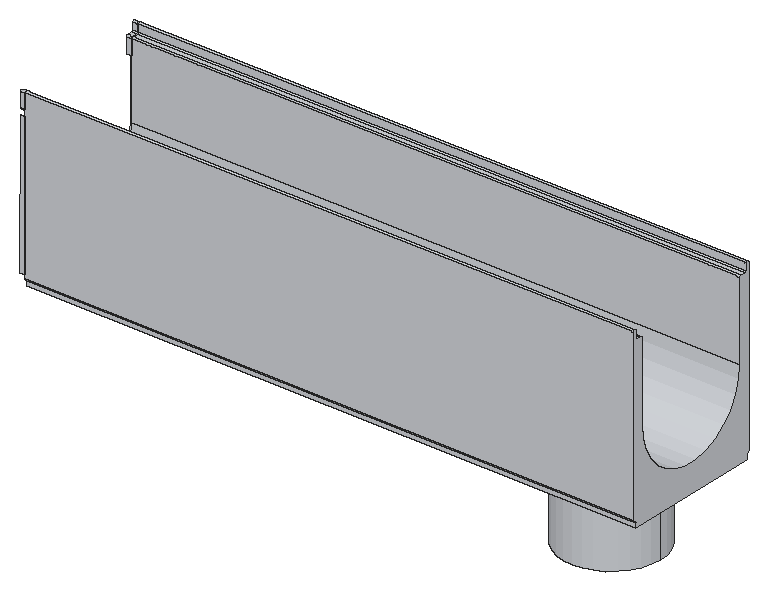
Revit family "T1712-PB-13", category Plumbing Fixtures, Revit 2026
Family settings
  Round Connector Dimension = Use Diameter
  Part Type = Normal
  Classification Number = 23.45.00.00
  Work Plane-Based = No
  Enable Cutting in Views = No
  Always vertical = Yes
  Cut with Voids When Loaded = No
  Maintain Annotation Orientation = No
  Shared = No
  Room Calculation Point = No
Parameters
  Pitch [instance] = 0.005
  Length = 39.40"
  Invert Body Depth 2 [instance] = Length * Pitch + Invert Body Depth 1  # 9.647"
  Invert Body Depth 1 [instance] = 9.45"
  Drain Wall Thickness = 0.65"
  Drain Outer Width = 9.20"
  Drain Inner Width [instance] = 7.90"
  Drain Base Thickness = 1.77"
  Default Elevation = 0.00"
Reference planes (in)
  plane 1 "Center (Front/Back)": y = 0
  plane 2: z = 0
  plane 3 "Center (Left/Right)": x = 0
  plane 4: y = 0
  plane 5: y = 9.2
  plane 6: y = 9.05
  plane 7: z = -9.06
  plane 8: y = 0.15
  plane 9: y = 0.65
  plane 10: z = -0.6
  plane 11: y = 0.15
  plane 12: y = 9.05
  plane 13: z = -0.6
  plane 14: y = 8.55
  plane 15: y = 0
  plane 16: y = 9.2
  plane 17: through (519.4, 9.05, -8.76) normal (0, -0.7071, 0.7071)
  plane 18: y = 9.05
  plane 19: z = -9.06
  plane 20: y = 0.15
  plane 21: through (519.4, 0, -8.61) normal (0, 0.7071, 0.7071)
  plane 22: y = 0.65
  plane 23: z = -0.6
  plane 24: y = 0.15
  plane 25: y = 9.05
  plane 26: z = -0.6
  plane 27: y = 8.55
  plane 28: z = 0
  plane 29: z = -15.9
  plane 30: x = 39.4
  plane 31: x = 34.3
  plane 32: x = 31.15
  plane 33: x = 37.45
  plane 34: y = 4.6
  plane 35: z = -11.227
Forms (in)
  SweptBlend 1, solid
    path origin (0, 0, 0) x (1, 0, 0) y (0, 1, 0)
      loop
        line (0.31631, 0) -> (39.4, 0)
    profile origin (0.31631, 0, 0) x (0, 1, 0) y (0, 0, 1)
      loop
        line (0.15, -11.22) -> (9.05, -11.22) -> (9.05, -10.92) -> (9.2, -10.77) -> (9.2, -0.075)
        arc (9.2, -0.075) -> (9.125, 0) -> (9.05, -0.075) r 0.075
        line (9.05, -0.075) -> (9.05, -0.52334)
        arc (9.05, -0.52334) -> (9.02755, -0.57755) -> (8.97334, -0.6) r 0.07666
        line (8.97334, -0.6) -> (8.63185, -0.6)
        arc (8.63185, -0.6) -> (8.57397, -0.62397) -> (8.55, -0.68185) r 0.08185
        line (8.55, -0.68185) -> (8.55, -5.5)
        arc (8.55, -5.5) -> (4.6, -9.45) -> (0.65, -5.5) r 3.95
        line (0.65, -5.5) -> (0.65, -0.68185)
        arc (0.65, -0.68185) -> (0.62603, -0.62397) -> (0.56815, -0.6) r 0.08185
        line (0.56815, -0.6) -> (0.22666, -0.6)
        arc (0.22666, -0.6) -> (0.17245, -0.57755) -> (0.15, -0.52334) r 0.07666
        line (0.15, -0.52334) -> (0.15, -0.075)
        arc (0.15, -0.075) -> (0.075, 0) -> (0, -0.075) r 0.075
        line (0, -0.075) -> (0, -10.77) -> (0.15, -10.92) -> (0.15, -11.22)
    end profile origin (39.4, 0, 0) x (0, 1, 0) y (0, 0, 1)
      loop
        line (0.15, -11.417) -> (9.05, -11.417) -> (9.05, -11.117) -> (9.2, -10.967) -> (9.2, -0.075)
        arc (9.2, -0.075) -> (9.125, 0) -> (9.05, -0.075) r 0.075
        line (9.05, -0.075) -> (9.05, -0.52334)
        arc (9.05, -0.52334) -> (9.02755, -0.57755) -> (8.97334, -0.6) r 0.07666
        line (8.97334, -0.6) -> (8.63185, -0.6)
        arc (8.63185, -0.6) -> (8.57397, -0.62397) -> (8.55, -0.68185) r 0.08185
        line (8.55, -0.68185) -> (8.55, -5.697)
        arc (8.55, -5.697) -> (4.6, -9.647) -> (0.65, -5.697) r 3.95
        line (0.65, -5.697) -> (0.65, -0.68185)
        arc (0.65, -0.68185) -> (0.62603, -0.62397) -> (0.56815, -0.6) r 0.08185
        line (0.56815, -0.6) -> (0.22666, -0.6)
        arc (0.22666, -0.6) -> (0.17245, -0.57755) -> (0.15, -0.52334) r 0.07666
        line (0.15, -0.52334) -> (0.15, -0.075)
        arc (0.15, -0.075) -> (0.075, 0) -> (0, -0.075) r 0.075
        line (0, -0.075) -> (0, -10.967) -> (0.15, -11.117) -> (0.15, -11.417)
  Extrusion 2, void
    sketch origin (0, 0, 0) x (0, 1, 0) y (0, 0, 1)
      loop
        line (0.65, -5.5) -> (0.65, -1.66875) -> (0, -1.01875) -> (0, -1.44301) -> (0.35, -1.79301) -> (0.35, -5.5)
        arc (0.35, -5.5) -> (4.6, -9.75) -> (8.85, -5.5) r 4.25
        line (8.85, -5.5) -> (8.85, -1.79301) -> (9.2, -1.44301) -> (9.2, -1.01875) -> (8.55, -1.66875) -> (8.55, -5.5)
        arc (8.55, -5.5) -> (4.6, -9.45) -> (0.65, -5.5) r 3.95
      loop
        line (0, -10.77) -> (0.15, -10.92) -> (0.15, -11.22) -> (0.50707, -11.22) -> (0.50707, -11.03279) -> (0.20977, -10.51786) -> (0, -10.51786) -> (0, -10.77)
      loop
        line (9.2, -10.77) -> (9.2, -10.51786) -> (8.99023, -10.51786) -> (8.69293, -11.03279) -> (8.69293, -11.22) -> (9.05, -11.22) -> (9.05, -10.92) -> (9.2, -10.77)
    from 0 to 0.31631
  Extrusion 3, solid
    sketch origin (0, 0, 0) x (0, 1, 0) y (0, 0, 1)
      loop
        line (0, -0.075) -> (0, -10.77) -> (0.15, -10.92) -> (0.15, -11.22) -> (9.05, -11.22) -> (9.05, -10.92) -> (9.2, -10.77) -> (9.2, -0.075)
        arc (9.2, -0.075) -> (9.125, 0) -> (9.05, -0.075) r 0.075
        line (9.05, -0.075) -> (9.05, -0.52334)
        arc (9.05, -0.52334) -> (9.02755, -0.57755) -> (8.97334, -0.6) r 0.07666
        line (8.97334, -0.6) -> (8.63185, -0.6)
        arc (8.63185, -0.6) -> (8.57397, -0.62397) -> (8.55, -0.68185) r 0.08185
        line (8.55, -0.68185) -> (8.55, -5.5)
        arc (8.55, -5.5) -> (4.6, -9.45) -> (0.65, -5.5) r 3.95
        line (0.65, -5.5) -> (0.65, -0.68185)
        arc (0.65, -0.68185) -> (0.62603, -0.62397) -> (0.56815, -0.6) r 0.08185
        line (0.56815, -0.6) -> (0.22666, -0.6)
        arc (0.22666, -0.6) -> (0.17245, -0.57755) -> (0.15, -0.52334) r 0.07666
        line (0.15, -0.52334) -> (0.15, -0.075)
        arc (0.15, -0.075) -> (0.075, 0) -> (0, -0.075) r 0.075
    from 0 to 0.31631
  Extrusion 4, solid
    sketch origin (0, 0, 0) x (1, 0, 0) y (0, 1, 0)
      loop
        circle (34.3, 4.6) r 3.15
      loop
        circle (34.3, 4.6) r 2.85
    from -15.9 to -10.24118
Cuts and joins
  Extrusion 2 cuts Extrusion 3
Dimensions and locks (in)
  "Invert Body Depth 1": profile plane to SweptBlend 1 sketch curve
  "Drain Base Thickness": SweptBlend 1 sketch curve to SweptBlend 1 sketch curve  (x2)
  "Drain Outer Width": SweptBlend 1 sketch curve to SweptBlend 1 sketch curve  (x2)
  "Drain Wall Thickness": SweptBlend 1 sketch curve to SweptBlend 1 sketch curve  (x4)
  "Drain Inner Width": SweptBlend 1 sketch curve to SweptBlend 1 sketch curve  (x2)
  "Invert Body Depth 2": profile plane to SweptBlend 1 sketch curve
  "Length": SweptBlend 1 to plane 3 "Center (Left/Right)"
  level to plane 29 = 15.90"
  aligned and locked: level to plane 2
  aligned and locked: plane 4 to profile plane
  aligned and locked: plane 5 to SweptBlend 1 sketch curve
  aligned and locked: plane 6 to SweptBlend 1 sketch curve
  aligned and locked: SweptBlend 1 sketch curve to plane 8
  aligned and locked: plane 10 to SweptBlend 1 sketch curve
  aligned and locked: plane 11 to SweptBlend 1 sketch curve
  aligned and locked: plane 12 to SweptBlend 1 sketch curve
  aligned and locked: plane 13 to SweptBlend 1 sketch curve
  aligned and locked: Extrusion 2 to plane 3 "Center (Left/Right)"
Automatic sketch dimensions
  plane 1 "Center (Front/Back)" to SweptBlend 1 sketch curve = 0.00"
  plane 3 "Center (Left/Right)" to SweptBlend 1 sketch curve = 0.31631"
  SweptBlend 1 sketch curve to SweptBlend 1 sketch curve = 39.08369"
  Extrusion 4 sketch curve to plane 31 = 0.00"
  plane 34 to Extrusion 4 sketch curve = 0.00"
  Extrusion 4 sketch curve to Extrusion 4 sketch curve = 0.00"  (x2)
  Extrusion 2 sketch curve to plane 1 "Center (Front/Back)" = 0.00"  (x2)
  Extrusion 2 sketch curve to plane 1 "Center (Front/Back)" = 0.15"
  Extrusion 2 sketch curve to plane 1 "Center (Front/Back)" = 0.20977"
  Extrusion 2 sketch curve to plane 1 "Center (Front/Back)" = 0.35"
  Extrusion 2 sketch curve to Extrusion 2 sketch curve = 0.35707"  (x2)
  Extrusion 2 sketch curve to Extrusion 2 sketch curve = 0.30"  (x3)
  Extrusion 2 sketch curve to plane 34 = 4.09293"
  Extrusion 2 sketch curve to Extrusion 2 sketch curve = 0.29729"
  Extrusion 2 sketch curve to Extrusion 2 sketch curve = 0.35"  (x3)
  Extrusion 2 sketch curve to Extrusion 2 sketch curve = 0.20977"
  plane 29 to Extrusion 2 sketch curve = 4.68"  (x2)
  Extrusion 2 sketch curve to Extrusion 2 sketch curve = 0.18721"  (x2)
  Extrusion 2 sketch curve to Extrusion 2 sketch curve = 0.15"  (x2)
  Extrusion 2 sketch curve to Extrusion 2 sketch curve = 0.25214"  (x2)
  Extrusion 2 sketch curve to Extrusion 2 sketch curve = 3.70699"
  Extrusion 2 sketch curve to Extrusion 2 sketch curve = 0.12426"  (x2)
  Extrusion 2 sketch curve to Extrusion 2 sketch curve = 0.42426"  (x2)
  Extrusion 2 sketch curve to level = 1.66875"
  Extrusion 2 sketch curve to level = 1.79301"
  Extrusion 3 sketch curve to plane 1 "Center (Front/Back)" = 0.00"
  Extrusion 3 sketch curve to plane 34 = 0.00"
  Extrusion 3 sketch curve to Extrusion 3 sketch curve = 0.075"  (x2)
  Extrusion 3 sketch curve to plane 1 "Center (Front/Back)" = 0.15"
  Extrusion 3 sketch curve to Extrusion 3 sketch curve = 0.07666"  (x2)
  Extrusion 3 sketch curve to Extrusion 3 sketch curve = 0.34149"  (x2)
  Extrusion 3 sketch curve to plane 1 "Center (Front/Back)" = 0.65"
  Extrusion 3 sketch curve to Extrusion 3 sketch curve = 0.08185"
  Extrusion 3 sketch curve to plane 34 = 4.45"
  Extrusion 3 sketch curve to level = 0.075"  (x2)
  Extrusion 3 sketch curve to Extrusion 3 sketch curve = 0.44834"  (x2)
  Extrusion 3 sketch curve to level = 5.50"
  Extrusion 3 sketch curve to Extrusion 3 sketch curve = 5.27"  (x2)
  Extrusion 3 sketch curve to Extrusion 3 sketch curve = 0.15"  (x2)
  Extrusion 3 sketch curve to Extrusion 3 sketch curve = 0.30"
  Extrusion 2 sketch curve to plane 34 = 0.00"
  Extrusion 2 sketch curve to Extrusion 2 sketch curve = 0.00"  (x2)
  plane 8 to SweptBlend 1 sketch curve = 0.07666"
  SweptBlend 1 sketch curve to SweptBlend 1 sketch curve = 0.08185"
  plane 14 to SweptBlend 1 sketch curve = 0.08185"
  plane 6 to SweptBlend 1 sketch curve = 0.07666"
  SweptBlend 1 sketch curve to SweptBlend 1 sketch curve = 0.30"  (x4)
  SweptBlend 1 sketch curve to SweptBlend 1 sketch curve = 0.15"  (x4)
  SweptBlend 1 sketch curve to level = 0.075"  (x4)
  SweptBlend 1 sketch curve to profile plane = 0.00"
  SweptBlend 1 sketch curve to plane 20 = 0.00"  (x2)
  SweptBlend 1 sketch curve to plane 23 = 0.00"
  plane 23 to SweptBlend 1 sketch curve = 0.00"
  SweptBlend 1 sketch curve to plane 18 = 0.00"  (x2)
  plane 20 to SweptBlend 1 sketch curve = 0.07666"
  SweptBlend 1 sketch curve to plane 22 = 0.08185"
  plane 27 to SweptBlend 1 sketch curve = 0.08185"
  plane 18 to SweptBlend 1 sketch curve = 0.07666"
  radius of Extrusion 4 sketch curve = 3.15"
  radius of Extrusion 4 sketch curve = 2.85"
